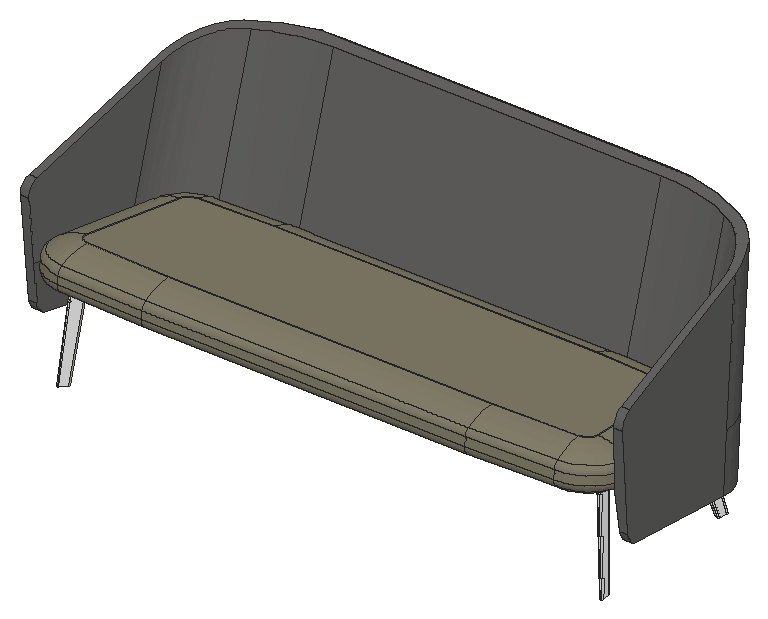
Revit family "Seating-Lounge-Teknion-STRCB_Cover-R2014", category Furniture, Revit 2014 (continued)
Automatic sketch dimensions
  curve 29 to curve 26 = 0' - 0.09494"
  curve 14 to curve 13 = 0' - 0.06556"
  curve 29 to curve 24 = 0' - 0.50953"
  curve 5 to curve 11 = 0' - 0.01039"
  curve 15 to curve 18 = 0' - 0.02421"
  curve 12 to curve 30 = 0' - 0.03746"
  curve 4 to curve 7 = 0' - 0.00834"
  curve 10 to curve 9 = 0' - 0.11851"
  curve 8 to curve 7 = 0' - 0.07278"
  curve 32 to curve 30 = 0' - 0.09391"
  curve 23 to curve 22 = 0' - 0.02529"
  curve 19 to curve 20 = 0' - 0.11851"
  curve 21 to curve 22 = 0' - 0.07278"
  curve 69 to plane 1 "Center F/B" = 0' - 2.19508"
  plane 17 to curve 76 = 0' - 2.59244"
  plane 18 to curve 73 = 1' - 2.76575"
  curve 80 to plane 8 "Front" = 0' - 3.42048"
  plane 18 to curve 80 = 0' - 10.08546"
  curve 82 to curve 75 = 0' - 0.27914"
  curve 74 to curve 75 = 0' - 0.03371"
  curve 55 to curve 55 = 0' - 0.11437"
  curve 57 to curve 57 = 0' - 0.04875"
  curve 53 to curve 52 = 0' - 0.07319"
  curve 41 to curve 42 = 0' - 0.11437"
  curve 65 to curve 65 = 0' - 0.05424"
  curve 40 to curve 40 = 0' - 0.11437"
  curve 65 to curve 67 = 0' - 0.07795"
  curve 43 to curve 44 = 0' - 0.04168"
  curve 51 to curve 68 = 0' - 0.10621"
  curve 67 to curve 50 = 0' - 0.02161"
  curve 39 to curve 39 = 0' - 0.10194"
  curve 48 to curve 47 = 0' - 0.0539"
  curve 60 to curve 38 = 0' - 0.03934"
  curve 61 to curve 61 = 0' - 0.05424"
  curve 61 to curve 62 = 0' - 0.06964"
  curve 35 to curve 35 = 0' - 0.05388"
  curve 59 to curve 35 = 0' - 0.01811"
  curve 59 to curve 74 = 0' - 1.59403"
  curve 74 to plane 1 "Center F/B" = 0' - 1.51055"
  curve 78 to plane 8 "Front" = 0' - 3.42049"
  curve 78 to curve 14 = 0' - 10.53311"
  curve 70 to plane 1 "Center F/B" = 0' - 1.51055"
  curve 71 to curve 25 = 0' - 1.59403"
  curve 1 to curve 25 = 0' - 0.04545"
  curve 25 to curve 1 = 0' - 0.09458"
  curve 28 to curve 28 = 0' - 0.11947"
  curve 28 to curve 27 = 0' - 0.06964"
  curve 3 to curve 26 = 0' - 0.02626"
  curve 14 to curve 14 = 0' - 0.11947"
  curve 5 to curve 5 = 0' - 0.10208"
  curve 16 to curve 33 = 0' - 0.01429"
  curve 13 to curve 12 = 0' - 0.0539"
  curve 10 to curve 9 = 0' - 0.04168"
  curve 6 to curve 7 = 0' - 0.11437"
  curve 8 to curve 9 = 0' - 0.04159"
  curve 18 to curve 19 = 0' - 0.07319"
  curve 23 to curve 17 = 0' - 0.08908"
  curve 21 to curve 20 = 0' - 0.04159"
  curve 69 to curve 70 = 0' - 0.03371"
  curve 69 to curve 76 = 0' - 0.27914"
  plane 8 "Front" to curve 71 = 0' - 7.95128"
  curve 43 to curve 74 = 0' - 1 119/128"
  curve 9 to curve 71 = 0' - 1 119/128"
  curve 9 to curve 11 = 0' - 0.03777"
  curve 43 to curve 45 = 0' - 0.03776"
  curve 10 to curve 9 = 0' - 0.04597"
  curve 43 to curve 43 = 0' - 0.04597"
  curve 42 to curve 41 = 0' - 0.11924"
  curve 10 to curve 11 = 0' - 0.70806"
  curve 11 to curve 24 = 0' - 0.01638"
  curve 45 to curve 58 = 0' - 0.01635"
  curve 39 to curve 41 = 0' - 0.22832"
  curve 5 to curve 7 = 0' - 0.27607"
  curve 40 to curve 38 = 0' - 0.0325"
  curve 7 to curve 4 = 0' - 0.0325"
  curve 62 to curve 63 = 0' - 0.02701"
  curve 28 to curve 29 = 0' - 0.02701"
  curve 28 to curve 25 = 0' - 0.04914"
  curve 62 to curve 59 = 0' - 0.04914"
  curve 63 to curve 60 = 0' - 0.15553"
  curve 4 to curve 2 = 0' - 0.06443"
  curve 37 to curve 36 = 0' - 0.04446"
  curve 46 to curve 51 = 0' - 0.0351"
  curve 13 to curve 17 = 0' - 0.03256"
  curve 47 to curve 47 = 0' - 0.30173"
  curve 47 to curve 49 = 0' - 0.23069"
  curve 51 to curve 56 = 0' - 0.09213"
  curve 23 to curve 22 = 0' - 0.06071"
  curve 57 to curve 64 = 0' - 0.01698"
  curve 23 to curve 30 = 0' - 0.0969"
  curve 31 to curve 15 = 0' - 0.09423"
  curve 64 to curve 49 = 0' - 0.11777"
  curve 15 to curve 18 = 0' - 0.02517"
  curve 49 to curve 52 = 0' - 0.02517"
  curve 65 to curve 66 = 0' - 0.03024"
  curve 31 to curve 32 = 0' - 0.02701"
  curve 21 to curve 20 = 0' - 0.11924"
  curve 55 to curve 54 = 0' - 0.11924"
  curve 18 to curve 20 = 0' - 0.01842"
  curve 52 to curve 54 = 0' - 0.01842"
  curve 26 to curve 3 = 0' - 0.12332"
  curve 47 to plane 18 = 0' - 5.60785"
  plane 3 "Center L/R" to curve 59 = 2' - 5.30484"
  curve 36 to curve 36 = 0' - 0.78074"
  curve 58 to curve 37 = 0' - 0.3495"
  curve 35 to curve 36 = 0' - 0.18893"
